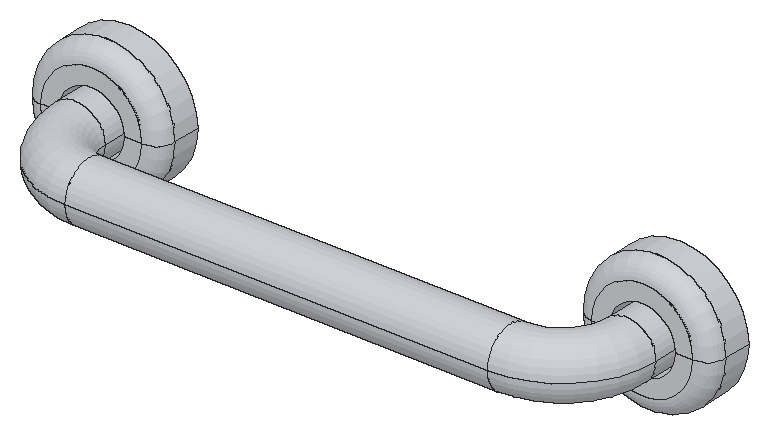
Revit family "AT11A-AS12A_Toilet Rail", category Generic Models, Revit 2013
Parameters (values of type "300StraightGrabRail")
  URL = "http://www.surecare.com.au/"
  Type Comments = "Assisted Corner Shower Rail 32mm Diameter"
  Model = "AS20/AS21"
  Manufacturer = "SURE CARE"
  DisB = 300.0 mm
Reference planes
  plane 1 "Center (Front/Back)": y = 0
  plane 2: z = 0
  plane 3 "Center (Left/Right)": x = 0
  plane 4: x = 150
  plane 5 "Bottom Rail Center": z = 784
  plane 6 "Rail Top Center": z = 1884
  plane 7: z = 800
  plane 8: y = -71
  plane 9: x = 112.5
  plane 10: x = 187.5
  plane 11: x = 132
  plane 12: x = 168
  plane 13: z = 1534
  plane 14: y = -55
  plane 15: x = -150
Forms (mm)
  Sweep 1, solid
    path origin (0, 0, 784) x (-1, 0, 0) y (0, -1, 0)
      loop
        line (150, 0) -> (150, 36)
        arc (150, 36) -> (139.749, 60.749) -> (115, 71) r 35
        line (115, 71) -> (-115, 71)
        arc (-115, 71) -> (-139.749, 60.749) -> (-150, 36) r 35
        line (-150, 36) -> (-150, 0)
    profile origin (0, -71, 784) x (0, 1, 0) y (0, 0, 1)
      loop
        circle (0, 0) r 16
  Revolve 2, solid
    sketch origin (0, 0, 784) x (-1, 0, 0) y (0, -1, 0)
      loop
        line (-168, 0) -> (-168, 25) -> (-177.5, 25)
        arc (-177.5, 25) -> (-184.571, 22.071) -> (-187.5, 15) r 10
        line (-187.5, 15) -> (-187.5, 0) -> (-168, 0)
      axis (-150, 0) -> (-150, 25)
    angle from 0 to 360
  Revolve 3, solid
    sketch origin (-300, 0, 784) x (-1, 0, 0) y (0, -1, 0)
      loop
        line (-168, 0) -> (-168, 25) -> (-177.5, 25)
        arc (-177.5, 25) -> (-184.571, 22.071) -> (-187.5, 15) r 10
        line (-187.5, 15) -> (-187.5, 0) -> (-168, 0)
      axis (-150, 0) -> (-150, 25)
    angle from 0 to 360
Dimensions and locks
  locked: plane 6 "Rail Top Center" to plane 5 "Bottom Rail Center" at 1100
  plane 5 "Bottom Rail Center" to level = 784.0 mm
  plane 7 to plane 5 "Bottom Rail Center" = 16.0 mm
  locked: plane 1 "Center (Front/Back)" to plane 8 at 71
  plane 11 to plane 4 to plane 12 = 18.0 mm locked, 18.0 mm locked
  plane 9 to plane 4 to plane 10 = 37.5 mm locked, 37.5 mm locked
  plane 6 "Rail Top Center" to plane 13 = 350.0 mm
  equal spacing: plane 15, plane 3 "Center (Left/Right)", plane 4
  plane 14 to plane 8 = 16.0 mm
  locked: plane 15 to Revolve 3 sketch curve at 37.5
  "DisB": plane 15 to plane 4
  aligned and locked: level to plane 2
  aligned and locked: plane 4 to Sweep 1 sketch curve
  aligned and locked: plane 1 "Center (Front/Back)" to Sweep 1 sketch curve
  aligned and locked: Sweep 1 sketch curve to plane 8
  aligned and locked: plane 12 to Revolve 2 sketch curve
  aligned and locked: plane 1 "Center (Front/Back)" to Revolve 2 sketch curve
  aligned and locked: Revolve 2 sketch curve to plane 10
  aligned and locked: Revolve 2 sketch curve to plane 4
Automatic sketch dimensions
  Sweep 1 sketch curve to plane 15 = 0.0 mm
  plane 1 "Center (Front/Back)" to Sweep 1 sketch curve = 0.0 mm
  plane 9 to Sweep 1 sketch curve = 2.5 mm
  Sweep 1 sketch curve to plane 15 = 35.0 mm
  Sweep 1 sketch curve to plane 5 "Bottom Rail Center" = 0.0 mm
  Sweep 1 sketch curve to profile plane = 0.0 mm
  plane 1 "Center (Front/Back)" to Revolve 2 sketch curve = 0.0 mm
  plane 12 to Revolve 2 sketch curve = 9.5 mm
  plane 1 "Center (Front/Back)" to Revolve 2 sketch curve = 15.0 mm
  Revolve 2 sketch curve to plane 8 = 24.0 mm
  plane 1 "Center (Front/Back)" to Revolve 3 sketch curve = 0.0 mm  (x2)
  Revolve 3 sketch curve to plane 15 = 0.0 mm
  Revolve 3 sketch curve to Revolve 3 sketch curve = 10.0 mm
  Revolve 3 sketch curve to Revolve 3 sketch curve = 9.5 mm
  plane 1 "Center (Front/Back)" to Revolve 3 sketch curve = 15.0 mm
  Revolve 3 sketch curve to plane 8 = 24.0 mm
  radius of Sweep 1 sketch curve = 16.0 mm
